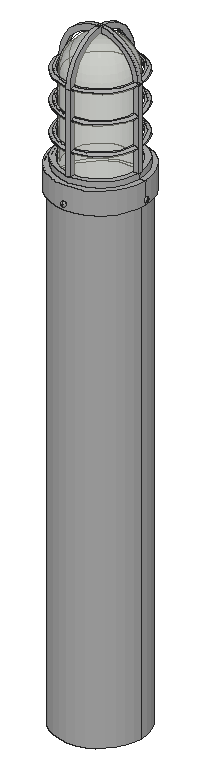
Revit family "BOL14", category Generic Models, host Floor, Revit 2024
Family settings
  Host = Floor
  Can host rebar = No
  Round Connector Dimension = Use Diameter
  Part Type = Normal
  Always vertical = Yes
  Cut with Voids When Loaded = No
  Maintain Annotation Orientation = No
  Shared = No
  Room Calculation Point = No
Parameters
  Default Elevation = 0' - 0"
Reference planes (in)
  plane 1 "Center (Front/Back)": y = 0
  plane 2: z = 0
  plane 3 "Center (Left/Right)": x = 0
Forms (in)
  Revolve 1, solid
    sketch origin (0, 0, 0) x (1, 0, 0) y (0, 0, 1)
      loop
        line (-2.875, 33) -> (-2.875, 0) -> (-2.78125, 0) -> (-2.78125, 33.09375) -> (-3.03125, 33.09375) -> (-3.03125, 34.40625) -> (-2.65625, 34.40625) -> (-2.65625, 34.78125) -> (-2.412, 34.78125) -> (-2.412, 34.875) -> (-2.75, 34.875) -> (-2.75, 34.5) -> (-3.125, 34.5) -> (-3.125, 33) -> (-2.875, 33)
      axis (0, 34.875) -> (0, 0)
    angle from 0 to 360
  Revolve 2, solid, material "61"
    sketch origin (0, 0, 0) x (1, 0, 0) y (0, 0, 1)
      loop
        line (-3.22718, 33.35476) -> (-3.125, 33.35476) -> (-3.125, 33.50476) -> (-3.16718, 33.50476)
        arc (-3.16718, 33.50476) -> (-3.20961, 33.48719) -> (-3.22718, 33.44476) r 0.06
        line (-3.22718, 33.44476) -> (-3.22718, 33.35476)
      axis (-3.22718, 33.35476) -> (-3.125, 33.35476)
    angle from 0 to 360
  Revolve 3, solid, material "61"
    sketch origin (0, 0, 0) x (0, -1, 0) y (0, 0, 1)
      loop
        line (-3.22718, 33.35476) -> (-3.125, 33.35476) -> (-3.125, 33.50476) -> (-3.16718, 33.50476)
        arc (-3.16718, 33.50476) -> (-3.20961, 33.48719) -> (-3.22718, 33.44476) r 0.06
        line (-3.22718, 33.44476) -> (-3.22718, 33.35476)
      axis (-3.22718, 33.35476) -> (-3.125, 33.35476)
    angle from 0 to 360
  Revolve 4, solid, material "61"
    sketch origin (0, 0, 0) x (0, 1, 0) y (0, 0, 1)
      loop
        line (-3.22718, 33.35476) -> (-3.125, 33.35476) -> (-3.125, 33.50476) -> (-3.16718, 33.50476)
        arc (-3.16718, 33.50476) -> (-3.20961, 33.48719) -> (-3.22718, 33.44476) r 0.06
        line (-3.22718, 33.44476) -> (-3.22718, 33.35476)
      axis (-3.22718, 33.35476) -> (-3.125, 33.35476)
    angle from 0 to 360
  Revolve 5, solid, material "61"
    sketch origin (0, 0, 0) x (-1, 0, 0) y (0, 0, 1)
      loop
        line (-3.22718, 33.35476) -> (-3.125, 33.35476) -> (-3.125, 33.50476) -> (-3.16718, 33.50476)
        arc (-3.16718, 33.50476) -> (-3.20961, 33.48719) -> (-3.22718, 33.44476) r 0.06
        line (-3.22718, 33.44476) -> (-3.22718, 33.35476)
      axis (-3.22718, 33.35476) -> (-3.125, 33.35476)
    angle from 0 to 360
  Extrusion 6, solid, material "61"
    sketch origin (0, 0, 0) x (1, 0, 0) y (0, 0, 1)
      loop
        line (-2.75, 34.875) -> (-2.412, 34.875) -> (-2.412, 40.2584)
        arc (-2.412, 40.2584) -> (-1.65854, 42.00129) -> (0.12273, 42.65888) r 2.41201
        arc (0.12273, 42.65888) -> (1.7455, 41.91463) -> (2.412, 40.2584) r 2.41201
        line (2.412, 40.2584) -> (2.412, 34.875) -> (2.75, 34.875) -> (2.75, 40.241)
        arc (2.75, 40.241) -> (0, 43) -> (-2.75, 40.241) r 2.75001
        line (-2.75, 40.241) -> (-2.75, 34.875)
    from -0.142 to 0.142
  Extrusion 7, solid, material "61"
    sketch origin (0, 0, 0) x (0, 1, 0) y (0, 0, 1)
      loop
        line (-2.75, 40.241) -> (-2.75, 34.875) -> (-2.412, 34.875) -> (-2.412, 40.2584)
        arc (-2.412, 40.2584) -> (-1.71633, 41.94469) -> (-0.03899, 42.66168) r 2.41201
        arc (-0.03899, 42.66168) -> (1.68871, 41.97221) -> (2.412, 40.2584) r 2.41201
        line (2.412, 40.2584) -> (2.412, 34.875) -> (2.75, 34.875) -> (2.75, 40.241)
        arc (2.75, 40.241) -> (0, 43) -> (-2.75, 40.241) r 2.75001
    from -0.142 to 0.142
  Revolve 8, solid
    sketch origin (0, 0, 0) x (1, 0, 0) y (0, 0, 1)
      loop
        line (-2.287, 40.19822) -> (-2.287, 34.51159) -> (-2.19325, 34.51159) -> (-2.19325, 40.19822)
        arc (-2.19325, 40.19822) -> (-1.55377, 41.76651) -> (0, 42.44049) r 2.24282
        line (0, 42.44049) -> (0, 42.53426)
        arc (0, 42.53426) -> (-1.62007, 41.8328) -> (-2.287, 40.19822) r 2.33657
      axis (0, 42.53426) -> (0, 34.51159)
    angle from 0 to 360
  Revolve 9, solid, material "61"
    sketch origin (0, 0, 0) x (1, 0, 0) y (0, 0, 1)
      loop
        line (-2.40523, 40.43075) -> (-2.54475, 40.43075) -> (-2.7488, 40.33156)
        arc (-2.7488, 40.33156) -> (-2.74946, 40.30505) -> (-2.74987, 40.27854) r 2.75001
        line (-2.74987, 40.27854) -> (-2.54475, 40.17883) -> (-2.412, 40.17883) -> (-2.412, 40.2584)
        arc (-2.412, 40.2584) -> (-2.41016, 40.34464) -> (-2.40523, 40.43075) r 2.41201
      loop
        line (-2.412, 38.47883) -> (-2.54475, 38.47883) -> (-2.7488, 38.37965)
        arc (-2.7488, 38.37965) -> (-2.74946, 38.35314) -> (-2.74987, 38.32662) r 2.75001
        line (-2.74987, 38.32662) -> (-2.54475, 38.22692) -> (-2.412, 38.22692) -> (-2.412, 38.47883)
      loop
        line (-2.412, 36.52639) -> (-2.54475, 36.52639) -> (-2.7488, 36.4272)
        arc (-2.7488, 36.4272) -> (-2.74946, 36.40069) -> (-2.74987, 36.37418) r 2.75001
        line (-2.74987, 36.37418) -> (-2.54475, 36.27447) -> (-2.412, 36.27447) -> (-2.412, 36.52639)
      axis (0, 40.43075) -> (0, 36.27447)
    angle from 0 to 360
Dimensions and locks (in)
  equal spacing: host sketch curve, plane 1 "Center (Front/Back)", host sketch curve
  equal spacing: host sketch curve, plane 3 "Center (Left/Right)", host sketch curve
  host sketch curve to host sketch curve = 10' - 0"  (x2)
  aligned and locked: level to plane 2
